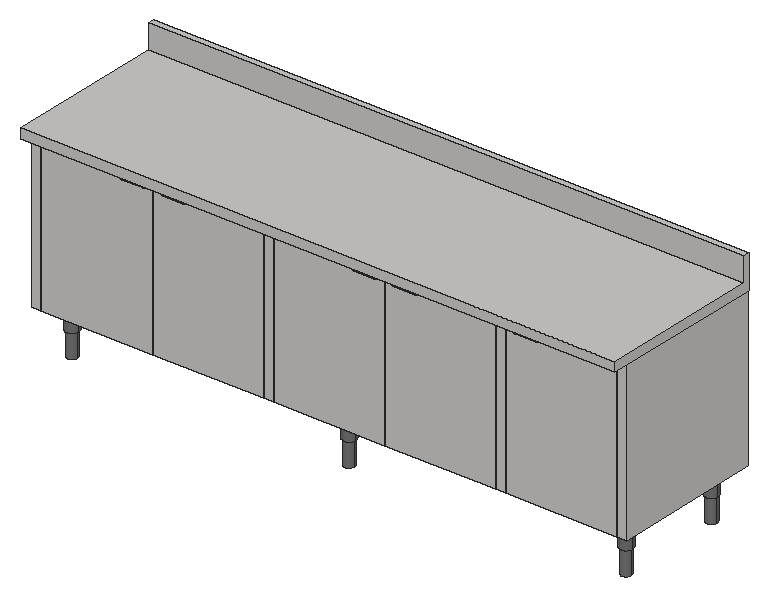
Revit family "QF_MACOM_BFT-70xxx", category Equipamento especial, Revit 2020
Family settings
  Cota do conector redondo = Utilizar diâmetro
  Tipo de parte = Normal
  Número OmniClass = 23.40.40.14.24.14
  Título OmniClass = Service Line Equipment
  Com base no plano de trabalho = Não
  Sempre na vertical = Sim
  Corte com vazios quando carregada = Não
  Compartilhado = Não
  Ponto de cálculo do ambiente = Não
Parameters (values of type "BFT-70250")
  Weight [instance] = 0.00 kg
  URL = "https://www.acosmacom.com.br/produtos/buffet-fechado-de-encosto/"
  Door 2 Posicion = if(Length Actual > 699 mm, Door Width * 2, 0 mm)  # 936 mm
  Modelo = "BFT-70250"
  Fabricante = "MACOM"
  Elevação padrão = 0 mm
  Door Width = if(Length Actual < 1399 mm, 310 mm, if(Length Actual < 1799 mm, 426.7 mm, if(Length Actual < 1999 mm, 420 mm, if(Length Actual < 2499 mm, 470 mm, 468 mm))))  # 468 mm
  Door QTY = if(Length Actual < 1399 mm, 2, if(Length Actual < 1799 mm, 3, if(Length Actual < 1999 mm, 4, if(Length Actual < 2499 mm, 4, 5))))  # 5
  Door 5 = Door QTY > 4  # yes
  Door 4 Posicion = if(Length Actual > 1799 mm, (Door Width * 4) + 40 mm, Door Width)  # 1912 mm
  Door 4 = Door QTY > 3  # yes
  Door 3 Posicion = if(Length Actual > 1399 mm, (Door Width * 2) + 40 mm, 0 mm)  # 976 mm
  Door 3 = Door QTY > 2  # yes
  Descrição = "BUFFET FECHADO INOX MACOM ESP. TRASEIRO - 2500X700X900mm    \r\nBUFFET FECHADO INOX MACOM ESP. TRASEIRO - 2500X700X900mm"
  Type Comments = ""
  Show Clearances [instance] = yes
  Masterspec [instance] = ""
  Length Actual = 2500 mm
  Identify Quantity as Lot [instance] = yes
  Height Actual [instance] = 900 mm
  Foodservice Equipment Identifier [instance] = yes
  Depth Actual [instance] = 700 mm
  Center Feet = Length Actual > 2001 mm  # yes
  CSI MasterFormat [instance] = ""
  CE Approved [instance] = yes
Types (6, lengths in mm): name | Door 2 Posicion | Modelo | Door Width | Door QTY | Door 5 | Door 4 Posicion | Door 4 | Door 3 Posicion | Door 3 | Descrição | Length Actual | Center Feet
  (no name) | 936 | "BFT-70250" | 468 | 5 | yes | 1912 | yes | 976 | yes | "BUFFET FECHADO INOX MACOM ESP. TRASEIRO - 2500X700X900mm    \r\nBUFFET FECHADO INOX MACOM ESP. TRASEIRO - 2500X700X900mm" | 2500 | yes
  BFT-70250 | 936 | "BFT-70250" | 468 | 5 | yes | 1912 | yes | 976 | yes | "BUFFET FECHADO INOX MACOM ESP. TRASEIRO - 2500X700X900mm    \r\nBUFFET FECHADO INOX MACOM ESP. TRASEIRO - 2500X700X900mm" | 2500 | yes
  BFT-70200 | 940 | "BFT-70200" | 470 | 4 | no | 1920 | yes | 980 | yes | "BUFFET FECHADO INOX MACOM ESP. TRASEIRO - 2000X700X900mm  \r\nBUFFET FECHADO INOX MACOM ESP. TRASEIRO - 700X700X900mm" | 2000 | no
  BFT-70180 | 840 | "BFT-70180" | 420 | 4 | no | 1720 | yes | 880 | yes | "BUFFET FECHADO INOX MACOM ESP. TRASEIRO - 1800X700X900mm" | 1800 | no
  BFT-70140 | 853.4 | "BFT-70140" | 426.7 | 3 | no | 426.7 | no | 893.4 | yes | "BUFFET FECHADO INOX MACOM ESP. TRASEIRO - 1400X700X900mm  \r\nBUFFET FECHADO INOX MACOM ESP. TRASEIRO - 700X700X900mm" | 1400 | no
  BFT-7070 | 620 | "BFT-7070" | 310 | 2 | no | 310 | no | 0 | no | "BUFFET FECHADO INOX MACOM ESP. TRASEIRO - 700X700X900mm   \r\nBUFFET FECHADO INOX MACOM ESP. TRASEIRO - 700X700X900mm" | 700 | no
Reference planes
  plane 1 "Centro (Frontal/Traseira)": y = 0
  plane 2: z = 0
  plane 3 "Centro (Esquerda/Direita)": x = 0
  plane 4: z = 200
  plane 5: z = 860
  plane 6: y = -640
  plane 7: z = 0
  plane 8: y = -700
  plane 9: z = 900
  plane 10: z = 200
  plane 11: y = -620
  plane 12: y = -620
  plane 13: y = -620
  plane 14: y = -620
  plane 15: y = -620
  plane 16: z = 200
  plane 17: x = -1210
  plane 18: x = 1250
  plane 19: x = -1250
  plane 20: x = -274
  plane 21: x = 702
  plane 22: x = 1210
  plane 23: x = -234
  plane 24: x = -1164.5
  plane 25: x = 1164.5
  plane 26: y = -534.5
  plane 27: y = -85.5
Forms (mm)
  Extrusion 1, solid, material "QF_Stainless_Steel"
    sketch origin (1250, 0, 0) x (1, 0, 0) y (0, 1, 0)
      loop
        line (0, 0) -> (-2500, 0) -> (-2500, -640) -> (-2460, -640) -> (-2460, -620) -> (-40, -620) -> (-40, -640) -> (0, -640) -> (0, 0)
    from 200 to 860
  Extrusion 2, solid, material "QF_Stainless_Steel"
    sketch origin (1810, 0, 0) x (0, -1, 0) y (0, 0, -1)
      loop
        line (700, -860) -> (0, -860) -> (0, -1000) -> (25, -1000) -> (25, -900) -> (700, -900) -> (700, -860)
    from -560 to -3060
  Extrusion 3, solid, material "QF_Stainless_Steel"
    sketch origin (1210, -620, 0) x (-1, 0, 0) y (0, 0, -1)
      loop
        line (2420, -860) -> (2420, -840.317) -> (0, -840.317) -> (0, -860) -> (2420, -860)
    from 0 to 20
  Extrusion 4, solid, material "QF_Stainless_Steel", visible <- "Door 3"
    sketch origin (-1806.188, -1524, 200) x (-1, 0, 0) y (0, -1, 0)
      loop
        line (-1532.188, -904) -> (-1532.188, -884) -> (-1572.188, -884) -> (-1572.188, -904) -> (-1532.188, -904)
    from 0 to 640.317
  Extrusion 5, solid, material "QF_Stainless_Steel", visible <- "Door 5"
    sketch origin (-1806.188, -1524, 200) x (-1, 0, 0) y (0, -1, 0)
      loop
        line (-2508.188, -904) -> (-2508.188, -884) -> (-2548.188, -884) -> (-2548.188, -904) -> (-2508.188, -904)
    from 0 to 640.317
Lines and regions (mm)
  symbolic lines
    curve 1: line (-1250, 0, 0) -> (1250, 0, 0)
    curve 2: line (1250, 0, 0) -> (1250, -700, 0)
    curve 3: line (1250, -700, 0) -> (-1250, -700, 0)
    curve 4: line (-1250, -700, 0) -> (-1250, 0, 0)
    curve 5: line (-1250, -25, 0) -> (1250, -25, 0)
Dimensions and locks
  locked: Extrusion 1 sketch curve to Extrusion 1 sketch curve at 40  (x2)
  locked: Extrusion 1 sketch curve to Extrusion 1 sketch curve at 20
  locked: plane 5 to plane 4 at 660
  locked: plane 4 to level at 200
  plane 6 to plane 1 "Centro (Frontal/Traseira)" = 640 mm
  locked: Extrusion 2 sketch curve to Extrusion 2 sketch curve at 40
  locked: Extrusion 2 sketch curve to Extrusion 2 sketch curve at 100
  locked: Extrusion 2 sketch curve to Extrusion 2 sketch curve at 25
  locked: plane 8 to plane 6 at 60
  "Height Actual": plane 9 to plane 7
  "Depth Actual": plane 8 to plane 1 "Centro (Frontal/Traseira)"  (x2)
  locked: Extrusion 2 to Extrusion 3 sketch curve at 19.683
  equal spacing: plane 19, plane 3 "Centro (Esquerda/Direita)", plane 18
  "Length Actual": plane 19 to plane 18
  locked: plane 19 to plane 17 at 40
  locked: plane 22 to plane 18 at 40
  locked: plane 21 to Extrusion 5 sketch curve at 40
  locked: Extrusion 4 sketch curve to Extrusion 4 sketch curve at 40
  "Door 2 Posicion": plane 17 to plane 20
  "Door 3 Posicion": plane 17 to plane 23
  "Door 4 Posicion": plane 17 to plane 21
  locked: plane 24 to plane 19 at 85.5
  locked: plane 18 to plane 25 at 85.5
  locked: plane 14 to plane 8 at 80
  plane 26 to plane 8 = 165.5 mm
  locked: plane 1 "Centro (Frontal/Traseira)" to plane 27 at 85.5
  aligned and locked: level to plane 2
  aligned and locked: Extrusion 1 sketch curve to Extrusion 1 sketch curve
  aligned and locked: Extrusion 1 sketch curve to plane 1 "Centro (Frontal/Traseira)"
  aligned and locked: level to plane 7
  aligned and locked: plane 8 to Extrusion 2
  aligned and locked: plane 4 to plane 10
  aligned and locked: Extrusion 2 to curve 5
  aligned and locked: plane 1 "Centro (Frontal/Traseira)" to curve 1
  aligned and locked: curve 3 to Extrusion 2
  aligned and locked: plane 11 to nested 7
  aligned and locked: plane 11 to Extrusion 1
  aligned and locked: plane 12 to nested 8
  aligned and locked: plane 12 to plane 11
  aligned and locked: plane 13 to nested 9
  aligned and locked: plane 13 to plane 11
  aligned and locked: plane 14 to nested 10
  aligned and locked: plane 14 to plane 11
  aligned and locked: plane 15 to nested 11
  aligned and locked: plane 15 to plane 11
  aligned and locked: plane 16 to nested 7
  aligned and locked: plane 4 to plane 16
  aligned and locked: plane 17 to nested 7
  aligned and locked: plane 18 to Extrusion 2
  aligned and locked: Extrusion 2 to plane 19
  aligned and locked: Extrusion 1 to plane 19
  aligned and locked: plane 20 to nested 8
  aligned and locked: plane 21 to nested 10
  aligned and locked: plane 22 to nested 11
  aligned and locked: nested 8 to Extrusion 4 sketch curve  (x2)
  aligned and locked: Extrusion 4 sketch curve to nested 9
  aligned and locked: Extrusion 4 to Extrusion 3
  aligned and locked: Extrusion 1 to Extrusion 4
  aligned and locked: nested 10 to Extrusion 5 sketch curve  (x2)
  aligned and locked: plane 6 to Extrusion 5 sketch curve
  aligned and locked: Extrusion 5 to Extrusion 3
  aligned and locked: plane 23 to nested 9
  aligned and locked: curve 2 to plane 18
  aligned and locked: plane 18 to Extrusion 1
  aligned and locked: Extrusion 3 to Extrusion 1
  aligned and locked: plane 3 "Centro (Esquerda/Direita)" to nested 5
  aligned and locked: plane 3 "Centro (Esquerda/Direita)" to nested 6
  aligned and locked: plane 24 to nested 3
  aligned and locked: plane 24 to nested 1
  aligned and locked: plane 25 to nested 4
  aligned and locked: plane 25 to nested 2
  aligned and locked: plane 26 to nested 3
  aligned and locked: plane 26 to nested 6
  aligned and locked: plane 26 to nested 4
  aligned and locked: plane 27 to nested 1
  aligned and locked: plane 27 to nested 5
  aligned and locked: plane 27 to nested 2
  aligned and locked: Extrusion 2 to plane 1 "Centro (Frontal/Traseira)"
  aligned and locked: Extrusion 3 to nested 7
  aligned and locked: curve 4 to Extrusion 1
Automatic sketch dimensions
  Extrusion 1 sketch curve to plane 6 = 0 mm
  Extrusion 2 sketch curve to plane 1 "Centro (Frontal/Traseira)" = 0 mm
  Extrusion 2 sketch curve to plane 5 = 0 mm
  Extrusion 2 sketch curve to plane 8 = 0 mm
  Extrusion 3 sketch curve to plane 5 = 0 mm
  plane 3 "Centro (Esquerda/Direita)" to Extrusion 3 sketch curve = 1210 mm
  plane 3 "Centro (Esquerda/Direita)" to Extrusion 1 sketch curve = 1250 mm
  Extrusion 1 sketch curve to Extrusion 1 sketch curve = 2420 mm
  Extrusion 3 sketch curve to Extrusion 3 sketch curve = 2420 mm
Nested families
  nested 1: "Sapata 200mm" at (-1164.5, -85.5, 101), type "Sapata 200mm"
  nested 2: "Sapata 200mm" at (1164.5, -85.5, 101), type "Sapata 200mm"
  nested 3: "Sapata 200mm" at (-1164.5, -534.5, 101), type "Sapata 200mm"
  nested 4: "Sapata 200mm" at (1164.5, -534.5, 101), type "Sapata 200mm"
  nested 5: "Sapata 200mm" at (0, -85.5, 101), visible <- "Center Feet", type "Sapata 200mm"
  nested 6: "Sapata 200mm" at (0, -534.5, 101), visible <- "Center Feet", type "Sapata 200mm"
  nested 7: "PORTA BUFFET" at (-1210, -620, 200), Show Clearances <- "Show Clearances", Length Actual <- "Door Width", type "PORTA BUFFET"
    with Weight 0.00 kg, Show Logo yes, Show Clearances yes, Right no, R_Swing no, Masterspec "", Length Actual 468 mm, Left yes, L_Swing yes, Identify Quantity as Lot yes, Height Actual 640 mm, Foodservice Equipment Identifier yes, Depth Actual 20 mm, CSI MasterFormat "", Accessory yes
  nested 8: "PORTA BUFFET" at (-742, -620, 200), Show Clearances <- "Show Clearances", Length Actual <- "Door Width", type "PORTA BUFFET"
    with Weight 0.00 kg, Show Logo yes, Show Clearances yes, Right yes, R_Swing yes, Masterspec "", Length Actual 468 mm, Left no, L_Swing no, Identify Quantity as Lot yes, Height Actual 640 mm, Foodservice Equipment Identifier yes, Depth Actual 20 mm, CSI MasterFormat "", Accessory yes
  nested 9: "PORTA BUFFET" at (-234, -620, 200), Show Clearances <- "Show Clearances", Length Actual <- "Door Width", visible <- "Door 3", Left <- "Door 4", type "PORTA BUFFET"
    with Weight 0.00 kg, Show Logo yes, Show Clearances yes, Right no, R_Swing no, Masterspec "", Length Actual 468 mm, Left yes, L_Swing yes, Identify Quantity as Lot yes, Height Actual 640 mm, Foodservice Equipment Identifier yes, Depth Actual 20 mm, CSI MasterFormat "", Accessory yes
  nested 10: "PORTA BUFFET" at (234, -620, 200), Show Clearances <- "Show Clearances", Length Actual <- "Door Width", visible <- "Door 4", type "PORTA BUFFET"
    with Weight 0.00 kg, Show Logo yes, Show Clearances yes, Right yes, R_Swing yes, Masterspec "", Length Actual 468 mm, Left no, L_Swing no, Identify Quantity as Lot yes, Height Actual 640 mm, Foodservice Equipment Identifier yes, Depth Actual 20 mm, CSI MasterFormat "", Accessory yes
  nested 11: "PORTA BUFFET" at (742, -620, 200), Show Clearances <- "Show Clearances", Length Actual <- "Door Width", visible <- "Door 5", type "PORTA BUFFET"
    with Weight 0.00 kg, Show Logo yes, Show Clearances yes, Right yes, R_Swing yes, Masterspec "", Length Actual 468 mm, Left no, L_Swing no, Identify Quantity as Lot yes, Height Actual 640 mm, Foodservice Equipment Identifier yes, Depth Actual 20 mm, CSI MasterFormat "", Accessory yes
Definition of nested family "Sapata 200mm"
  Parameters (values of type "Sapata 200mm")
    Default Elevation = 0 mm
  Reference planes
    plane 1 "Centro (Frente/Trás)": y = 0
    plane 2: z = 0
    plane 3 "Centro (Esquerda/Direita)": x = 0
    plane 4: z = 99
    plane 5: z = -101
  Forms (mm)
    Revolve 1, solid
      sketch origin (0, 0, 0) x (1, 0, 0) y (0, 0, 1)
        loop
          line (0, 87.5) -> (-30, 87.5) -> (-27, 0) -> (-22, 0) -> (-22, -101) -> (0, -101) -> (0, 87.5)
        axis (0, 87.5) -> (0, -101)
      angle from 0 to 360
    Extrusion 2, solid
      sketch origin (0, 0, 0) x (1, 0, 0) y (0, 1, 0)
        loop
          line (-50, 40) -> (-50, -40) -> (50, -40) -> (50, 40) -> (-50, 40)
      from 87.5 to 99
    Extrusion 3, void
      sketch origin (0, 0, 0) x (1, 0, 0) y (0, 1, 0)
        loop
          line (-50, 40) -> (-50, 37)
          arc (-50, 37) -> (-49.121, 39.121) -> (-47, 40) r 3
          line (-47, 40) -> (-50, 40)
        loop
          line (50, 40) -> (47, 40)
          arc (47, 40) -> (49.121, 39.121) -> (50, 37) r 3
          line (50, 37) -> (50, 40)
        loop
          line (-50, -40) -> (-47, -40)
          arc (-47, -40) -> (-49.121, -39.121) -> (-50, -37) r 3
          line (-50, -37) -> (-50, -40)
        loop
          line (50, -40) -> (50, -37)
          arc (50, -37) -> (49.121, -39.121) -> (47, -40) r 3
          line (47, -40) -> (50, -40)
      from 0 to 250
  Cuts and joins
    Extrusion 3 cuts Extrusion 2
  Dimensions and locks
    locked: plane 4 to plane 5 at 200
    aligned and locked: level to plane 2
    aligned and locked: plane 5 to Revolve 1
    aligned and locked: plane 4 to cut or joined group of Extrusion 2, Extrusion 3
    aligned and locked: Extrusion 2 to Revolve 1
Definition of nested family "PORTA BUFFET"
  Parameters (values of type "PORTA BUFFET")
    Weight [instance] = 0.00 kg
    Right [instance] = not(Left)  # yes
    R_Swing [instance] = and(Right, Show Clearances)  # yes
    Left [instance] = no
    L_Swing [instance] = and(Left, Show Clearances)  # no
    Default Elevation = 0 mm
    Type Comments = ""
    Show Logo [instance] = yes
    Show Clearances [instance] = yes
    Masterspec [instance] = ""
    Length Actual [instance] = 620 mm
    Identify Quantity as Lot [instance] = yes
    Height Actual [instance] = 640 mm
    Foodservice Equipment Identifier [instance] = yes
    Depth Actual [instance] = 20 mm
    CSI MasterFormat [instance] = ""
    Accessory [instance] = yes
  Reference planes
    plane 1 "Centro (Frontal/Traseira)": y = 0
    plane 2: z = 0
    plane 3 "Centro (Esquerda/Direita)": x = 0
    plane 4: x = 620
    plane 5: z = 640
  Forms (mm)
    Extrusion 1, solid
      sketch origin (0, 0, 0) x (0, 1, 0) y (0, 0, 1)
        loop
          line (-20, 640) -> (-20, 0) -> (0, 0) -> (0, 640) -> (-20, 640)
      from 0 to 620 <- "Length Actual"
    Extrusion 2, solid, visible <- "L_Swing", detail levels coarse
      sketch origin (0, -338.763, 640) x (0, 1, 0) y (-1, 0, 0)
        loop
          line (318.763, -620) -> (318.763, 0) -> (-301.237, 0)
          arc (-301.237, 0) -> (-119.644, -438.406) -> (318.763, -620) r 620
      from 0 to -640
    Extrusion 3, solid, visible <- "R_Swing", detail levels coarse
      sketch origin (0, -338.763, 640) x (0, 1, 0) y (-1, 0, 0)
        loop
          arc (318.763, 0) -> (-119.644, -181.594) -> (-301.237, -620) r 620
          line (-301.237, -620) -> (318.763, -620) -> (318.763, 0)
      from 0 to -640
  Dimensions and locks
    "Depth Actual": Extrusion 1 sketch curve to Extrusion 1 sketch curve
    locked: Extrusion 1 sketch curve to Extrusion 1 sketch curve at 640
    "Length Actual": plane 4 to plane 3 "Centro (Esquerda/Direita)"
    "Height Actual": plane 5 to level
    locked: nested 2 to plane 3 "Centro (Esquerda/Direita)" at 11
    locked: plane 4 to nested 1 at 11
    aligned and locked: level to plane 2
    aligned and locked: plane 4 to Extrusion 1
    aligned and locked: plane 5 to Extrusion 1
    aligned and locked: Extrusion 2 to level
    aligned and locked: Extrusion 3 sketch curve to Extrusion 1
    aligned and locked: Extrusion 3 to level
    aligned and locked: nested 1 to plane 5
    aligned and locked: nested 1 to Extrusion 3
    aligned and locked: Extrusion 3 to nested 2
    aligned and locked: nested 2 to plane 5
  Automatic sketch dimensions
    Extrusion 2 sketch curve to Extrusion 1 = 0 mm  (x3)
    Extrusion 3 sketch curve to Extrusion 1 = 0 mm  (x2)
    Extrusion 1 sketch curve to level = 0 mm
    Extrusion 1 sketch curve to plane 1 "Centro (Frontal/Traseira)" = 0 mm
  Nested families
    nested 1: "PUXADOR BUFFET" at (459, -12, 640), visible <- "Left", type "PUXADOR BUFFET"
      with Weight 0.00 kg, Watts 0 W, Warranty Start Date "", Warranty Duration "", Volts 0 V, URL Recommended Spares List "", URL Manufacturer "", URL Cutsheet "", URL Critical Spares List "", Technical Documentation "", Tag Number "", Steam type "", Steam Supply Volume 0.0 m³/h, Steam Supply Size 0 mm, Steam Supply Minimum Pressure 0.0 Pa, Steam Supply Maximum Pressure 0.0 Pa, Steam Supply Connection Height 0 mm, Steam Pounds per Hour 0, Status "", Specification by User "", Specification by Manufacturer "", Sound Level "", Solid Fuel Type "", Show Logo yes, Show Clearances yes, Service Life Duration "", Serial Number "", Seismic Rating "", SMACNA No "", Revision Code "", Revision "", Refrigeration Working Pressure 0.0 Pa, Refrigeration Evaporation Temperature -273.15 °C, Refrigeration Energy Efficiency Index "", Refrigeration Defrost Drain yes, Refrigeration Climate Class "", Refrigerant Type "", Refrigerant Mass 0, Refrigerant Flow 0.0 m³/h, Production Year "", Point Load 0, Phase 0, Operational Current 0 A, NAFEM Spec ID Number "", Model Warning "", Masterspec "", Length Actual 0 mm, Item Number "", Installed By "", Installation Date "", Ingress Protection Code "", Identify Quantity as Lot yes, ID "", Hygiene Approval "", Height Actual 0 mm, Gas Size 0 mm, Gas Input 0 Btu/h, Gas Flow GN 0.0 m³/h, Gas Connection Height 0 mm, Furnished By "", Fuel Type "", Foodservice Equipment Identifier yes, Flue Type "", Exhaust Volume 0.0 L/s, Exhaust Vent Width 0 mm, Exhaust Vent Height 0 mm, Exhaust Vent Diameter 0 mm, Exhaust Vent Depth 0 mm, Exhaust Air Temperature -273.15 °C, Elec Conn Connection Height 0 mm, ETL Approved yes, Depth Actual 0 mm, Cycle 0 Hz, CSI MasterFormat "", CE Approved yes, Accessory yes
    nested 2: "PUXADOR BUFFET" at (11, -12, 640), visible <- "Right", type "PUXADOR BUFFET"
      with Weight 0.00 kg, Watts 0 W, Warranty Start Date "", Warranty Duration "", Volts 0 V, URL Recommended Spares List "", URL Manufacturer "", URL Cutsheet "", URL Critical Spares List "", Technical Documentation "", Tag Number "", Steam type "", Steam Supply Volume 0.0 m³/h, Steam Supply Size 0 mm, Steam Supply Minimum Pressure 0.0 Pa, Steam Supply Maximum Pressure 0.0 Pa, Steam Supply Connection Height 0 mm, Steam Pounds per Hour 0, Status "", Specification by User "", Specification by Manufacturer "", Sound Level "", Solid Fuel Type "", Show Logo yes, Show Clearances yes, Service Life Duration "", Serial Number "", Seismic Rating "", SMACNA No "", Revision Code "", Revision "", Refrigeration Working Pressure 0.0 Pa, Refrigeration Evaporation Temperature -273.15 °C, Refrigeration Energy Efficiency Index "", Refrigeration Defrost Drain yes, Refrigeration Climate Class "", Refrigerant Type "", Refrigerant Mass 0, Refrigerant Flow 0.0 m³/h, Production Year "", Point Load 0, Phase 0, Operational Current 0 A, NAFEM Spec ID Number "", Model Warning "", Masterspec "", Length Actual 0 mm, Item Number "", Installed By "", Installation Date "", Ingress Protection Code "", Identify Quantity as Lot yes, ID "", Hygiene Approval "", Height Actual 0 mm, Gas Size 0 mm, Gas Input 0 Btu/h, Gas Flow GN 0.0 m³/h, Gas Connection Height 0 mm, Furnished By "", Fuel Type "", Foodservice Equipment Identifier yes, Flue Type "", Exhaust Volume 0.0 L/s, Exhaust Vent Width 0 mm, Exhaust Vent Height 0 mm, Exhaust Vent Diameter 0 mm, Exhaust Vent Depth 0 mm, Exhaust Air Temperature -273.15 °C, Elec Conn Connection Height 0 mm, ETL Approved yes, Depth Actual 0 mm, Cycle 0 Hz, CSI MasterFormat "", CE Approved yes, Accessory yes
  Definition of nested family "PUXADOR BUFFET"
    Parameters (values of type "PUXADOR BUFFET")
      Weight [instance] = 0.00 kg
      Watts [instance] = 0 W
      Warranty Start Date [instance] = ""
      Warranty Duration [instance] = ""
      Volts [instance] = 0 V
      URL Recommended Spares List [instance] = ""
      URL Manufacturer [instance] = ""
      URL Cutsheet [instance] = ""
      URL Critical Spares List [instance] = ""
      Gas Flow GN [instance] = 0.0 m³/h
      Gas Flow GLP = ""
      Default Elevation = 0 mm
      Type Comments = ""
      Technical Documentation [instance] = ""
      Tag Number [instance] = ""
      Steam type [instance] = ""
      Steam Supply Volume [instance] = 0.0 m³/h
      Steam Supply Size [instance] = 0 mm
      Steam Supply Minimum Pressure [instance] = 0.0 Pa
      Steam Supply Maximum Pressure [instance] = 0.0 Pa
      Steam Supply Connection Height [instance] = 0 mm
      Steam Pounds per Hour [instance] = 0
      Status [instance] = ""
      Specification by User [instance] = ""
      Specification by Manufacturer [instance] = ""
      Sound Level [instance] = ""
      Solid Fuel Type [instance] = ""
      Show Logo [instance] = yes
      Show Clearances [instance] = yes
      Service Life Duration [instance] = ""
      Serial Number [instance] = ""
      Seismic Rating [instance] = ""
      SMACNA No [instance] = ""
      Revision Code [instance] = ""
      Revision [instance] = ""
      Refrigeration Working Pressure [instance] = 0.0 Pa
      Refrigeration Evaporation Temperature [instance] = -273.15 °C
      Refrigeration Energy Efficiency Index [instance] = ""
      Refrigeration Defrost Drain [instance] = yes
      Refrigeration Climate Class [instance] = ""
      Refrigerant Type [instance] = ""
      Refrigerant Mass [instance] = 0
      Refrigerant Flow [instance] = 0.0 m³/h
      Production Year [instance] = ""
      Point Load [instance] = 0
      Phase [instance] = 0
      Operational Current [instance] = 0 A
      NAFEM Spec ID Number [instance] = ""
      Model Warning [instance] = ""
      Masterspec [instance] = ""
      Length Actual [instance] = 0 mm
      Item Number [instance] = ""
      Installed By [instance] = ""
      Installation Date [instance] = ""
      Ingress Protection Code [instance] = ""
      Identify Quantity as Lot [instance] = yes
      ID [instance] = ""
      Hygiene Approval [instance] = ""
      Height Actual [instance] = 0 mm
      Gas Size [instance] = 0 mm
      Gas Input [instance] = 0 Btu/h
      Gas Connection Height [instance] = 0 mm
      Furnished By [instance] = ""
      Fuel Type [instance] = ""
      Foodservice Equipment Identifier [instance] = yes
      Flue Type [instance] = ""
      Exhaust Volume [instance] = 0.0 L/s
      Exhaust Vent Width [instance] = 0 mm
      Exhaust Vent Height [instance] = 0 mm
      Exhaust Vent Diameter [instance] = 0 mm
      Exhaust Vent Depth [instance] = 0 mm
      Exhaust Air Temperature [instance] = -273.15 °C
      Elec Conn Connection Height [instance] = 0 mm
      ETL Approved [instance] = yes
      Depth Actual [instance] = 0 mm
      Cycle [instance] = 0 Hz
      CSI MasterFormat [instance] = ""
      CE Approved [instance] = yes
      Accessory [instance] = yes
    Reference planes
      plane 1 "Centro (Frontal/Traseira)": y = 0
      plane 2: z = 0
      plane 3 "Centro (Esquerda/Direita)": x = 0
      plane 4: x = 150
    Forms (mm)
      Extrusion 1, solid
        sketch origin (161.41, -10, 2) x (0, 0, -1) y (1, 0, 0)
          loop
            line (27, -127.512) -> (27, -45.308)
            arc (27, -45.308) -> (26.012, -37.806) -> (23.117, -30.815) r 28.986
            line (23.117, -30.815) -> (20.9, -26.976) -> (14.8, -16.41)
            arc (14.8, -16.41) -> (11.166, -12.765) -> (6.2, -11.41) r 10
            line (6.2, -11.41) -> (2, -11.41) -> (2, -161.41) -> (6.2, -161.41)
            arc (6.2, -161.41) -> (11.166, -160.055) -> (14.8, -156.41) r 10
            line (14.8, -156.41) -> (20.9, -145.845) -> (23.117, -142.005)
            arc (23.117, -142.005) -> (26.012, -135.014) -> (27, -127.512) r 28.986
        from 0 to -2
      Extrusion 2, solid
        sketch origin (150, -10, 0) x (0, 0, -1) y (0, 1, 0)
          loop
            line (2.1, 2) -> (0, 2) -> (0, 10) -> (-2, 10) -> (-2, 0) -> (2.1, 0) -> (2.1, 2)
        from 0 to -150
    Cuts and joins
      joined: Extrusion 1, Extrusion 2
    Dimensions and locks
      aligned and locked: level to plane 2
